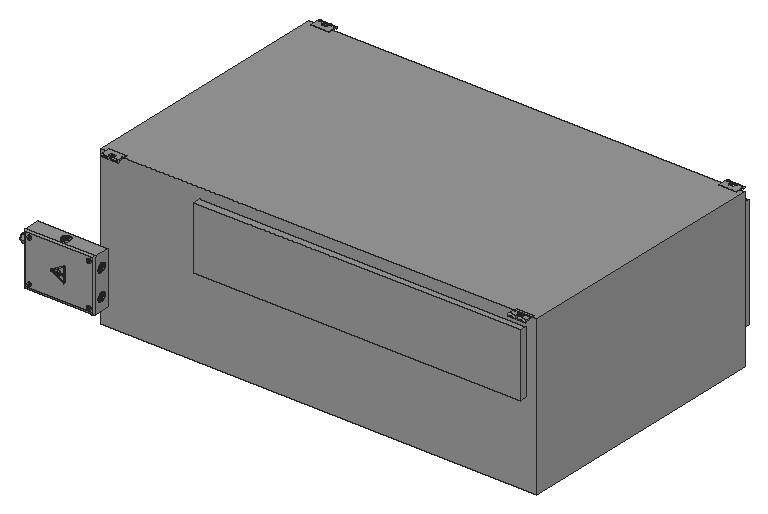
Revit family "Internal block_71_280_DH_1R1A", category Оборудование, Revit 2021
Family settings
  Размер круглого соединителя = Использовать диаметр
  Классификация = Нет
  Тип детали = Нормальный
  На основе рабочей плоскости = Нет
  Всегда вертикально = Да
  При загрузке вырезать с полостями = Нет
  Общий = Нет
  Точка принадлежности помещению = Нет
Parameters (values of type "BLHV-280-I-DH-AC/1R1A")
  dr = 12.7 mm
  dg = 22.2 mm
  dd = 10 mm
  Width = B  # 811 mm
  Weight = 102.00 kg
  Pressure_Static_Air [instance] = 0.0 Pa
  Power = 1200 W
  Maximum Air Flow = 0.0 L/s
  Load Classification = "HVAC"
  Length = A  # 1440 mm
  I = 320 mm
  Height = C  # 448 mm
  Отметка по умолчанию = 0 mm
  Изготовитель = "BLAUBERG"  # constant formula
  URL = ""
  Maintenance zone material = none
  H = 1186 mm
  Grid Material = Mesh, steel, painted,  white
  G = 180 mm
  F = 930 mm
  E = 771 mm
  Db = D + 80 mm  # 1242 mm
  D = 1162 mm
  Casing Material = Steel, galvanized
  C = 448 mm
  Bb = B - 20 mm - 50 mm  # 741 mm
  B = 811 mm
  Air Flow [instance] = 0.0 L/s
  A = 1440 mm
  09_System_Name [instance] = ""
  00_20_Type = "BLHV-280-I-DH-AC/1R1A"
  00_20_Name = "Internal block"  # constant formula
  00_20_Manufacturer = "BLAUBERG"  # constant formula
Types (10, lengths in mm): name | dr | dg | Width | Weight | Power | Length | I | Height | H | G | F | E | Db | D | C | Bb | B | A | 00_20_Type
  (no name) | 12.7 | 22.2 | 811 | 102.00 kg | 1200 W | 1440 | 320 | 448 | 1186 | 180 | 930 | 771 | 1242 | 1162 | 448 | 741 | 811 | 1440 | "BLHV-280-I-DH-AC/1R1A"
  BLHV-71-I-DH-AC/1R1A | 9.5 | 15.9 | 680 | 46.00 kg | 340 W | 1445 | 207 | 260 | 1156 | 197 | 1156 | 515 | 1417 | 1337 | 260 | 610 | 680 | 1445 | "BLHV-71-I-DH-AC/1R1A"
  BLHV-80-I-DH-AC/1R1A | 9.5 | 15.9 | 680 | 46.00 kg | 340 W | 1445 | 207 | 260 | 1156 | 197 | 1156 | 515 | 1417 | 1337 | 260 | 610 | 680 | 1445 | "BLHV-80-I-DH-AC/1R1A"
  BLHV-90-I-DH-AC/1R1A | 9.5 | 15.9 | 680 | 46.00 kg | 340 W | 1445 | 207 | 260 | 1156 | 197 | 1156 | 515 | 1417 | 1337 | 260 | 610 | 680 | 1445 | "BLHV-90-I-DH-AC/1R1A"
  BLHV-100-I-DH-AC/1R1A | 9.5 | 15.9 | 620 | 47.00 kg | 450 W | 1190 | 290 | 370 | 920 | 267 | 740 | 588 | 1118 | 1038 | 370 | 550 | 620 | 1190 | "BLHV-100-I-DH-AC/1R1A"
  BLHV-120-I-DH-AC/1R1A | 9.5 | 15.9 | 620 | 47.00 kg | 450 W | 1190 | 290 | 370 | 920 | 267 | 740 | 588 | 1118 | 1038 | 370 | 550 | 620 | 1190 | "BLHV-120-I-DH-AC/1R1A"
  BLHV-150-I-DH-AC/1R1A | 9.5 | 15.9 | 620 | 47.00 kg | 450 W | 1190 | 290 | 370 | 920 | 267 | 740 | 588 | 1118 | 1038 | 370 | 550 | 620 | 1190 | "BLHV-150-I-DH-AC/1R1A"
  BLHV-200-I-DH-AC/1R1A | 12.7 | 22.2 | 811 | 102.00 kg | 1200 W | 1440 | 320 | 448 | 1186 | 180 | 930 | 771 | 1242 | 1162 | 448 | 741 | 811 | 1440 | "BLHV-200-I-DH-AC/1R1A"
  BLHV-250-I-DH-AC/1R1A | 12.7 | 22.2 | 811 | 102.00 kg | 1200 W | 1440 | 320 | 448 | 1186 | 180 | 930 | 771 | 1242 | 1162 | 448 | 741 | 811 | 1440 | "BLHV-250-I-DH-AC/1R1A"
  BLHV-280-I-DH-AC/1R1A | 12.7 | 22.2 | 811 | 102.00 kg | 1200 W | 1440 | 320 | 448 | 1186 | 180 | 930 | 771 | 1242 | 1162 | 448 | 741 | 811 | 1440 | "BLHV-280-I-DH-AC/1R1A"
Reference planes
  plane 1 "По центру (Вперед/Назад)": y = 0
  plane 2: z = 0
  plane 3 "По центру (Влево/Вправо)": x = 0
  plane 4: y = 90
  plane 5: y = -90
  plane 6: y = 405.5
  plane 7: y = -405.5
  plane 8: x = -621
  plane 9: x = 621
  plane 10: z = 448
  plane 11: x = -819
  plane 12: x = -581
  plane 13: x = 581
Forms (mm)
  Extrusion 1, solid, material "Steel, galvanized" <- "Casing Material"
    sketch origin (-5.978, 22.034, 0) x (1, 0, 0) y (0, 1, 0)
      loop
        line (-615.022, 363.466) -> (-615.022, -377.534) -> (626.978, -377.534) -> (626.978, 363.466) -> (-615.022, 363.466)
    from 0 to 448 <- "C"
  Extrusion 2, solid, material "Steel, galvanized" <- "Casing Material"
    sketch origin (0, 0, 0) x (1, 0, 0) y (0, 0, 1)
      loop
        line (591, 418) -> (-339, 418) -> (-339, 238) -> (591, 238) -> (591, 418)
    from 355.5 to 375.5
  Extrusion 3, solid, material "Steel, galvanized" <- "Casing Material"
    sketch origin (0, 0, 0) x (1, 0, 0) y (0, 0, 1)
      loop
        line (616, 418) -> (-570, 418) -> (-570, 98) -> (616, 98) -> (616, 418)
    from -405.5 to -385.5
  Extrusion 4, solid, material "Steel, galvanized" <- "Casing Material"
    sketch origin (0, 0, 0) x (0, 1, 0) y (0, 0, 1)
      loop
        circle (60, 100) r 11.1
      loop
        circle (-40, 100) r 6.35
      loop
        circle (10, 30) r 5
    from -671 to -621
  Extrusion 5, solid, material "Steel, galvanized" <- "Casing Material"
    sketch origin (0, 0, 0) x (0, 1, 0) y (0, 0, 1)
      loop
        line (355.5, 398) -> (155.5, 398) -> (155.5, 238.311) -> (355.5, 238.311) -> (355.5, 398)
    from -671 to -621
Dimensions and locks
  "Db": Extrusion 1 sketch curve to Extrusion 1 sketch curve
  "Bb": Extrusion 1 sketch curve to Extrusion 1 sketch curve
  equal spacing: plane 4, plane 1 "По центру (Вперед/Назад)", plane 5
  "G": plane 4 to plane 5
  equal spacing: Extrusion 1 sketch curve, plane 3 "По центру (Влево/Вправо)", Extrusion 1 sketch curve
  equal spacing: plane 6, plane 1 "По центру (Вперед/Назад)", plane 7
  "B": plane 6 to plane 7
  locked: Extrusion 1 sketch curve to plane 7 at 50
  equal spacing: plane 8, plane 3 "По центру (Влево/Вправо)", plane 9
  "Db": plane 8 to plane 9
  "C": plane 10 to level
  "A": plane 11 to plane 9
  locked: plane 9 to Extrusion 2 sketch curve at 30
  "F": Extrusion 2 sketch curve to Extrusion 2 sketch curve
  locked: plane 10 to Extrusion 2 sketch curve at 30
  "G": Extrusion 2 sketch curve to Extrusion 2 sketch curve
  locked: plane 9 to Extrusion 3 sketch curve at 5
  "H": Extrusion 3 sketch curve to Extrusion 3 sketch curve
  locked: plane 10 to Extrusion 3 sketch curve at 30
  "I": Extrusion 3 sketch curve to Extrusion 3 sketch curve
  locked: plane 6 to Extrusion 3 at 20
  locked: Extrusion 2 to plane 7 at 50
  locked: Extrusion 2 to plane 7 at 30
  locked: Extrusion 4 sketch curve to level at 100  (x2)
  locked: Extrusion 4 sketch curve to plane 5 at 50
  locked: Extrusion 4 sketch curve to plane 5 at 150
  locked: Extrusion 4 to plane 8 at 50
  locked: plane 6 to Extrusion 5 sketch curve at 50
  locked: Extrusion 5 sketch curve to Extrusion 5 sketch curve at 200
  locked: plane 10 to Extrusion 5 sketch curve at 50
  locked: Extrusion 5 sketch curve to Extrusion 5 sketch curve at 159.689
  locked: Extrusion 5 to plane 8 at 50
  locked: Extrusion 4 sketch curve to level at 30
  locked: plane 5 to Extrusion 4 sketch curve at 100
  equal spacing: plane 12, plane 3 "По центру (Влево/Вправо)", plane 13
  "D": plane 12 to plane 13
  locked: nested 4 to plane 7 at 60
  locked: nested 5 to plane 7 at 60
  "dg": diameter of Extrusion 4 sketch curve
  "dr": diameter of Extrusion 4 sketch curve
  "dd": diameter of Extrusion 4 sketch curve
  aligned and locked: level to plane 2
  aligned and locked: nested 1 to plane 11
  aligned and locked: plane 6 to Extrusion 3
  aligned and locked: plane 8 to Extrusion 4
  aligned and locked: plane 8 to Extrusion 5
  aligned and locked: plane 12 to nested 2
  aligned and locked: plane 13 to nested 3
  aligned and locked: plane 10 to nested 5
  aligned and locked: nested 4 to plane 10
  aligned and locked: nested 3 to plane 10
  aligned and locked: plane 10 to nested 2
  aligned and locked: nested 4 to plane 12
  aligned and locked: nested 5 to plane 13
  aligned and locked: plane 6 to nested 2
  aligned and locked: nested 3 to plane 6
Nested families
  nested 1: "Electrical box" at (-700.25, -355.5, 125) x (0, 0, 1) z (0, -1, 0), type "200x150"
    with Ш1 85 mm, Ш 200 mm, Л 37.5 mm, Д1 60 mm, Д 150 mm
  nested 2: "Fastening" at (-581, 375.5, 448) x (0, 1, 0) z (0, 0, 1), type "Fastening"
  nested 3: "Fastening" at (581, 375.5, 448) x (0, 1, 0) z (0, 0, 1), type "Fastening"
  nested 4: "Fastening" at (-581, -345.5, 448) x (0, -1, 0) z (0, 0, 1), type "Fastening"
  nested 5: "Fastening" at (581, -345.5, 448) x (0, -1, 0) z (0, 0, 1), type "Fastening"
Connectors
  hvac at (126, -375.5, 328), driven by "G", driven by "F"
    settings: on Extrusion 2, index 1, duct flow 0.0 L/s, flow factor 0, pres drop 0.0 Pa, loss coef 0, conn angle 0.00°, conn width 930 mm, conn height 180 mm, conn diameter 609.6 mm, duct sys type 29, conn prof type 1, flow config 0, flow direction 2, loss method 0, conn ref index -1, conn util no, is conn primary yes, conn desc ""
  hvac at (23, 405.5, 258), driven by "I", driven by "H"
    settings: on Extrusion 3, index 2, duct flow 0.0 L/s, flow factor 0, pres drop 0.0 Pa, loss coef 0, conn angle 0.00°, conn width 1186 mm, conn height 320 mm, conn diameter 609.6 mm, duct sys type 29, conn prof type 1, flow config 0, flow direction 1, loss method 0, conn ref index -1, conn util no, is conn primary no, conn desc ""
  piping at (-671, 60, 100), diameter 22.2, driven by "dg"
    settings: on Extrusion 4, index 3, connector inside diameter 609.6 mm, connector length 0 mm, flow factor 0, pipe flow 0.0 L/s, pressure drop 0.0 Pa, fitting loss kfactor 0, connector angle 0.00°, fixture units 0, engagement length 0 mm, angle of deflection 0.00°, flow configuration 0, flow direction 0, fitting loss method 0, system type 29, joint type 0, gender type 0, connector reference index -1, connector utility 0, adjustable connector no, is connector primary yes, connector description ""
  piping at (-671, -40, 100), diameter 12.7, driven by "dr"
    settings: on Extrusion 4, index 4, connector inside diameter 609.6 mm, connector length 0 mm, flow factor 0, pipe flow 0.0 L/s, pressure drop 0.0 Pa, fitting loss kfactor 0, connector angle 0.00°, fixture units 0, engagement length 0 mm, angle of deflection 0.00°, flow configuration 0, flow direction 0, fitting loss method 0, system type 29, joint type 0, gender type 0, connector reference index -1, connector utility 0, adjustable connector no, is connector primary no, connector description ""
  piping at (-671, 10, 30), diameter 10, driven by "dd"
    settings: on Extrusion 4, index 5, connector inside diameter 609.6 mm, connector length 0 mm, flow factor 0, pipe flow 0.0 L/s, pressure drop 0.0 Pa, fitting loss kfactor 0, connector angle 0.00°, fixture units 0, engagement length 0 mm, angle of deflection 0.00°, flow configuration 0, flow direction 2, fitting loss method 0, system type 29, joint type 0, gender type 0, connector reference index -1, connector utility 0, adjustable connector no, is connector primary no, connector description ""
Definition of nested family "Electrical box"
  Parameters (values of type "100x100")
    Ш1 = Ш / 2 - 15 mm  # 60 mm
    Ш = 150 mm
    Default Elevation = 1219.2 mm
    Л = Д / 4  # 25 mm
    Д1 = Д / 2 - 15 mm  # 35 mm
    Д = 100 mm
    h = H / 2  # 25 mm
    Material = none
    H = 50 mm
  Reference planes
    plane 1 "По центру (Вперед/Назад)": y = 0
    plane 2: z = 0
    plane 3 "По центру (Влево/Вправо)": x = 0
  Forms (mm)
    Extrusion 1, solid, material <- "Material"
      sketch origin (0, 0, 0) x (1, 0, 0) y (0, 1, 0)
        loop
          line (-50, 75) -> (-50, -75) -> (50, -75) -> (50, 75) -> (-50, 75)
      from 0 to 50 <- "H"
    Sweep 2, void
      path in 3D
        loop
          line (-50, 75, 50) -> (-50, -75, 50) -> (50, -75, 50) -> (50, 75, 50) -> (-50, 75, 50)
      profile origin (0, 75, 50) x (0, -1, 0) y (0, 0, 1)
        loop
          line (5, 0) -> (0, 0) -> (0, -5)
          arc (0, -5) -> (1.464, -1.464) -> (5, 0) r 5
    Extrusion 3, void
      sketch origin (0, 0, 0) x (0, 1, 0) y (0, 0, 1)
        loop
          circle (0, 25) r 10
      from -50 to -45
    Extrusion 4, void
      sketch origin (0, 0, 0) x (0, 1, 0) y (0, 0, 1)
        loop
          circle (0, 25) r 10
      from 45 to 50
    Extrusion 5, void
      sketch origin (0, 0, 0) x (1, 0, 0) y (0, 0, 1)
        loop
          circle (25, 25) r 10
        loop
          circle (-25, 25) r 10
      from 70 to 75
    Extrusion 6, void
      sketch origin (0, 0, 0) x (1, 0, 0) y (0, 0, 1)
        loop
          circle (25, 25) r 10
        loop
          circle (-25, 25) r 10
      from -75 to -70
  Cuts and joins
    Sweep 2, Extrusion 3, Extrusion 4, Extrusion 5, Extrusion 6 cuts Extrusion 1
  Lines and regions (mm)
    sketch lines
      curve 1: line (50, 75, 50) -> (-50, 75, 50)
      curve 2: line (50, -75, 50) -> (50, 75, 50)
      curve 3: line (-50, -75, 50) -> (50, -75, 50)
      curve 4: line (-50, 75, 50) -> (-50, -75, 50)
  Dimensions and locks
    "Д": Extrusion 1 sketch curve to Extrusion 1 sketch curve
    "Ш": Extrusion 1 sketch curve to Extrusion 1 sketch curve
    equal spacing: Extrusion 1 sketch curve, plane 3 "По центру (Влево/Вправо)", Extrusion 1 sketch curve
    equal spacing: Extrusion 1 sketch curve, plane 1 "По центру (Вперед/Назад)", Extrusion 1 sketch curve
    "Д1": nested 2 to plane 3 "По центру (Влево/Вправо)"
    "Д1": plane 3 "По центру (Влево/Вправо)" to nested 1
    "Д1": nested 4 to plane 3 "По центру (Влево/Вправо)"
    "Д1": plane 3 "По центру (Влево/Вправо)" to nested 3
    "Ш1": nested 3 to plane 1 "По центру (Вперед/Назад)"
    "Ш1": plane 1 "По центру (Вперед/Назад)" to nested 1
    "Ш1": nested 4 to plane 1 "По центру (Вперед/Назад)"
    "Ш1": plane 1 "По центру (Вперед/Назад)" to nested 2
    "h": Extrusion 3 sketch curve to level
    "h": Extrusion 4 sketch curve to level
    "h": level to Extrusion 5 sketch curve  (x2)
    "Л": plane 3 "По центру (Влево/Вправо)" to Extrusion 5 sketch curve
    "Л": Extrusion 5 sketch curve to plane 3 "По центру (Влево/Вправо)"
    "h": level to Extrusion 6 sketch curve  (x2)
    "Л": Extrusion 6 sketch curve to plane 3 "По центру (Влево/Вправо)"
    "Л": plane 3 "По центру (Влево/Вправо)" to Extrusion 6 sketch curve
    "h": level to nested 5
    "h": level to nested 6
    "Л": nested 8 to plane 3 "По центру (Влево/Вправо)"
    "Л": nested 7 to plane 3 "По центру (Влево/Вправо)"
    "Л": plane 3 "По центру (Влево/Вправо)" to nested 9
    "Л": plane 3 "По центру (Влево/Вправо)" to nested 11
    "h": nested 11 to level
    radius of Extrusion 6 sketch curve = 10 mm
    aligned and locked: level to plane 2
    aligned and locked: Extrusion 1 to Extrusion 3
    aligned and locked: Sweep 2 to Extrusion 3
    aligned and locked: Extrusion 1 to Extrusion 4
    aligned and locked: Sweep 2 to Extrusion 4
    aligned and locked: Extrusion 1 to Extrusion 5
    aligned and locked: Sweep 2 to Extrusion 5
    aligned and locked: Extrusion 1 to Extrusion 6
    aligned and locked: Extrusion 6 to Sweep 2
    aligned and locked: plane 1 "По центру (Вперед/Назад)" to nested 5
    aligned and locked: nested 5 to cut or joined group of Extrusion 1, Sweep 2, Extrusion 3, Extrusion 4, Extrusion 5, Extrusion 6
    aligned and locked: nested 6 to plane 1 "По центру (Вперед/Назад)"
    aligned and locked: cut or joined group of Extrusion 1, Sweep 2, Extrusion 3, Extrusion 4, Extrusion 5, Extrusion 6 to nested 6
    aligned and locked: cut or joined group of Extrusion 1, Sweep 2, Extrusion 3, Extrusion 4, Extrusion 5, Extrusion 6 to nested 7
    aligned and locked: nested 8 to cut or joined group of Extrusion 1, Sweep 2, Extrusion 3, Extrusion 4, Extrusion 5, Extrusion 6
    aligned and locked: cut or joined group of Extrusion 1, Sweep 2, Extrusion 3, Extrusion 4, Extrusion 5, Extrusion 6 to nested 9
    aligned and locked: plane 3 "По центру (Влево/Вправо)" to nested 10
  Automatic sketch dimensions
    Sweep 2 sketch curve to profile plane = 0 mm  (x2)
    Sweep 2 sketch curve to profile plane = 5 mm
    Extrusion 3 sketch curve to plane 1 "По центру (Вперед/Назад)" = 0 mm
    Extrusion 4 sketch curve to plane 1 "По центру (Вперед/Назад)" = 0 mm
    radius of Extrusion 3 sketch curve = 10 mm
    radius of Extrusion 4 sketch curve = 10 mm
    radius of Extrusion 5 sketch curve = 10 mm  (x2)
    radius of Extrusion 6 sketch curve = 10 mm
  Nested families
    nested 1: "Винт" at (35, 60, 50), built-in parameter 1001364 <- "H", type "Винт"
    nested 2: "Винт" at (-35, 60, 50), built-in parameter 1001364 <- "H", type "Винт"
    nested 3: "Винт" at (35, -60, 50), built-in parameter 1001364 <- "H", type "Винт"
    nested 4: "Винт" at (-35, -60, 50), built-in parameter 1001364 <- "H", type "Винт"
    nested 5: "Заглушка" at (46, 0, 25) x (0, 0, -1) z (1, 0, 0), built-in parameter 1001360 <- "h", type "Заглушка"
    nested 6: "Заглушка" at (-46, 0, 25) x (0, 0, -1) z (-1, 0, 0), built-in parameter 1001360 <- "h", type "Заглушка"
    nested 7: "Заглушка" at (-25, 71, 25) x (0, 0, -1) z (0, 1, 0), built-in parameter 1001360 <- "h", type "Заглушка"
    nested 8: "Заглушка" at (-25, -71, 25) x (0, 0, -1) z (0, -1, 0), built-in parameter 1001360 <- "h", type "Заглушка"
    nested 9: "Заглушка" at (25, -71, 25) x (0, 0, -1) z (0, -1, 0), built-in parameter 1001360 <- "h", type "Заглушка"
    nested 10: "Электрика" at (0, 3.125, 50), built-in parameter 1001360 <- "H", type "Электрика"
    nested 11: "Штуцер" at (25, 75, 25) x (1, 0, 0) z (0, 1, 0), type "24"
  Definition of nested family "Винт"
    Parameters (values of type "Винт")
      Default Elevation = 0 mm
    Reference planes
      plane 1 "По центру (Вперед/Назад)": y = 0
      plane 2: z = 0
      plane 3 "По центру (Влево/Вправо)": x = 0
    Forms (mm)
      Revolve 1, solid
        sketch origin (0, 0, 0) x (1, 0, 0) y (0, 0, 1)
          loop
            line (0, -20) -> (2.5, -20) -> (2.5, 0) -> (5, 0) -> (5, 0.988)
            arc (5, 0.988) -> (2.589, 1.966) -> (0, 2.235) r 9.254
            line (0, 2.235) -> (0, -20)
          axis (0, 2.235) -> (0, -20)
        angle from 0 to 360
      Extrusion 2, void
        sketch origin (0, -0.137, 0) x (1, 0, 0) y (0, 1, 0)
          loop
            line (-0.439, -5.142) -> (0.455, -5.142) -> (0.455, -0.343) -> (5.265, -0.343) -> (5.265, 0.594) -> (0.455, 0.594) -> (0.455, 5.38) -> (-0.439, 5.38) -> (-0.439, 0.594) -> (-5.291, 0.594) -> (-5.291, -0.343) -> (-0.439, -0.343) -> (-0.439, -5.142)
        from 0.988 to 3.071
    Cuts and joins
      Extrusion 2 cuts Revolve 1
    Dimensions and locks
      aligned and locked: level to plane 2
      aligned and locked: Extrusion 2 to Revolve 1
  Definition of nested family "Заглушка"
    Parameters (values of type "Заглушка")
      Default Elevation = 0 mm
    Reference planes
      plane 1 "По центру (Вперед/Назад)": y = 0
      plane 2: z = 0
      plane 3 "По центру (Влево/Вправо)": x = 0
    Forms (mm)
      Extrusion 1, solid
        sketch origin (0, 0, 0) x (1, 0, 0) y (0, 1, 0)
          loop
            circle (0, 0) r 12
        from 4 to 5
      Extrusion 2, solid
        sketch origin (0, 0, 0) x (1, 0, 0) y (0, 1, 0)
          loop
            circle (0, 0) r 10
        from 5 to 6
      Extrusion 3, solid
        sketch origin (0, 0, 0) x (1, 0, 0) y (0, 1, 0)
          loop
            circle (0, 0) r 8
        from 6 to 7
      Extrusion 4, solid
        sketch origin (0, 0, 0) x (1, 0, 0) y (0, 1, 0)
          loop
            circle (0, 0) r 6
        from 7 to 8
      Extrusion 5, solid
        sketch origin (0, 0, 0) x (1, 0, 0) y (0, 1, 0)
          loop
            circle (0, 0) r 4
        from 8 to 9
      Extrusion 6, solid
        sketch origin (0, 0, 0) x (1, 0, 0) y (0, 1, 0)
          loop
            circle (0, 0) r 2
        from 9 to 10
    Dimensions and locks
      aligned and locked: level to plane 2
  Definition of nested family "Электрика"
    Parameters (values of type "Электрика")
      Default Elevation = 0 mm
    Reference planes
      plane 1 "По центру (Вперед/Назад)": y = 0
      plane 2: z = 0
      plane 3 "По центру (Влево/Вправо)": x = 0
    Forms (mm)
      Extrusion 1, solid
        sketch origin (0, -20.999, 0) x (1, 0, 0) y (0, 1, 0)
          loop
            line (0, 0.664) -> (18.543, 0.664)
            arc (18.543, 0.664) -> (21.349, 1.985) -> (22.119, 4.99) r 3.641
            line (22.119, 4.99) -> (2.806, 38.44)
            arc (2.806, 38.44) -> (0, 39.762) -> (-2.806, 38.44) r 3.641
            line (-2.806, 38.44) -> (-22.119, 4.99)
            arc (-22.119, 4.99) -> (-21.349, 1.985) -> (-18.543, 0.664) r 3.641
            line (-18.543, 0.664) -> (0, 0.664)
          loop
            arc (-20.055, 4.565) -> (-19.717, 3.245) -> (-18.484, 2.664) r 1.6
            line (-18.484, 2.664) -> (18.396, 2.664)
            arc (18.396, 2.664) -> (19.729, 3.379) -> (19.87, 4.885) r 1.6
            line (19.87, 4.885) -> (1.2, 37.223)
            arc (1.2, 37.223) -> (0.104, 37.807) -> (-1.079, 37.432) r 1.6
            line (-1.079, 37.432) -> (-20.055, 4.565)
        from 0 to 1
      Extrusion 2, solid
        sketch origin (0, -20.999, 0) x (1, 0, 0) y (0, 1, 0)
          loop
            line (1.519, 30.846) -> (-2.718, 30.846) -> (-7.387, 14.53) -> (2.226, 19.012) -> (-1.819, 8.947) -> (-2.667, 9.352) -> (-2.823, 5.949) -> (-0.273, 8.208) -> (-1.096, 8.601) -> (5.366, 22.132) -> (-4.385, 17.585) -> (1.519, 30.846)
        from 0 to 1
      Extrusion 3, solid
        sketch origin (0, -20.999, 0) x (1, 0, 0) y (0, 1, 0)
          loop
            line (-1.079, 37.432) -> (-20.055, 4.565)
            arc (-20.055, 4.565) -> (-19.717, 3.245) -> (-18.484, 2.664) r 1.6
            line (-18.484, 2.664) -> (18.396, 2.664)
            arc (18.396, 2.664) -> (19.781, 3.464) -> (19.781, 5.064) r 1.6
            line (19.781, 5.064) -> (1.296, 37.092)
            arc (1.296, 37.092) -> (0.185, 37.798) -> (-1.079, 37.432) r 1.6
        from 0 to 0.9
    Dimensions and locks
      aligned and locked: level to plane 2
  Definition of nested family "Штуцер"
    Parameters (values of type "32")
      Default Elevation = 1219.2 mm
      r1 = r / 1.3333  # 12 mm
      r = 16 mm
      h3 = H / 3.2  # 10 mm
      h1 = H / 1.28  # 25 mm
      h4 = H / 6.4  # 5 mm
      H = 32 mm
      A = 2 * r * tan(30.00°)  # 18.475 mm
    Types (3, lengths in mm): name | r1 | r | h3 | h1 | h4 | H | A
      32 | 12 | 16 | 10 | 25 | 5 | 32 | 18.475
      24 | 9 | 12 | 7.5 | 18.75 | 3.75 | 24 | 13.856
      16 | 6 | 8 | 5 | 12.5 | 2.5 | 16 | 9.238
    Reference planes
      plane 1 "По центру (Вперед/Назад)": y = 0
      plane 2: z = 0
      plane 3 "По центру (Влево/Вправо)": x = 0
    Forms (mm)
      Extrusion 1, solid
        sketch origin (-129.783, 0, -1.583) x (-1, 0, 0) y (0, -1, 0)
          loop
            line (-129.783, -18.475) -> (-113.783, -9.238) -> (-113.783, 9.238) -> (-129.783, 18.475) -> (-145.783, 9.238) -> (-145.783, -9.238) -> (-129.783, -18.475)
        from 1.583 to 6.583
      Extrusion 2, solid
        sketch origin (-129.783, 0, 0) x (-1, 0, 0) y (0, -1, 0)
          loop
            circle (-129.783, 0) r 12
        from 5 to 10
      Extrusion 3, solid
        sketch origin (-129.783, 0, 14.25) x (-1, 0, 0) y (0, -1, 0)
          loop
            line (-129.783, -18.475) -> (-113.783, -9.238) -> (-113.783, 9.238) -> (-129.783, 18.475) -> (-145.783, 9.238) -> (-145.783, -9.238) -> (-129.783, -18.475)
        from -4.25 to 10.75
      Revolve 4, solid
        sketch origin (-129.783, 0, -5.678) x (-1, 0, 0) y (0, 0, -1)
          loop
            line (-117.783, -30.678) -> (-129.783, -30.678) -> (-129.783, -37.678) -> (-118.783, -37.678)
            arc (-118.783, -37.678) -> (-118.076, -37.385) -> (-117.783, -36.678) r 1
            line (-117.783, -36.678) -> (-117.783, -30.678)
          axis (-129.783, -37.678) -> (-129.783, -30.678)
        angle from 0 to 360
    Dimensions and locks
      "A": Extrusion 3 sketch curve to Extrusion 3 sketch curve  (x6)
      equal spacing: Extrusion 3 sketch curve, plane 1 "По центру (Вперед/Назад)", Extrusion 3 sketch curve  (x2)
      "A": Extrusion 3 sketch curve to plane 1 "По центру (Вперед/Назад)" to Extrusion 3 sketch curve
      "A": Extrusion 1 sketch curve to Extrusion 1 sketch curve  (x6)
      "A": Extrusion 1 sketch curve to plane 1 "По центру (Вперед/Назад)" to Extrusion 1 sketch curve
      "r1": plane 3 "По центру (Влево/Вправо)" to Revolve 4 sketch curve
      "H": level to Revolve 4 sketch curve
      "h1": level to Extrusion 3
      "h3": level to Extrusion 3
      "h1": level to Revolve 4 sketch curve
      "h3": level to Extrusion 2
      "h4": level to Extrusion 2
      "h4": level to Extrusion 1
      "r1": radius of Extrusion 2 sketch curve
      aligned and locked: level to plane 2
      aligned and locked: Extrusion 1 to Extrusion 2
      aligned and locked: Extrusion 1 to level
      aligned and locked: Extrusion 3 to Extrusion 2
    Automatic sketch dimensions
      Extrusion 1 sketch curve to plane 3 "По центру (Влево/Вправо)" = 0 mm  (x2)
      plane 1 "По центру (Вперед/Назад)" to Extrusion 2 sketch curve = 0 mm
      Extrusion 2 sketch curve to plane 3 "По центру (Влево/Вправо)" = 0 mm
      Extrusion 3 sketch curve to plane 3 "По центру (Влево/Вправо)" = 0 mm
      Revolve 4 sketch curve to plane 3 "По центру (Влево/Вправо)" = 0 mm  (x2)
      Revolve 4 sketch curve to Revolve 4 sketch curve = 1 mm
      level to Revolve 4 sketch curve = 1.702 mm
      Revolve 4 sketch curve to level = 6.18 mm
Definition of nested family "Fastening"
  Parameters (values of type "Fastening")
    Default Elevation = 0 mm
    Material = none
  Reference planes
    plane 1 "По центру (Вперед/Назад)": y = 0
    plane 2: z = 0
    plane 3 "По центру (Влево/Вправо)": x = 0
    plane 4 "exis": x = 14.509
  Forms (mm)
    Extrusion 1, solid, material <- "Material"
      sketch origin (0, 0, 0) x (1, 0, 0) y (0, 0, 1)
        loop
          line (27, 0) -> (0, 0) -> (0, -30) -> (2, -30) -> (2, -2) -> (27, -2)
          arc (27, -2) -> (27.707, -2.293) -> (28, -3) r 1
          line (28, -3) -> (28, -5) -> (30, -5) -> (30, -3)
          arc (30, -3) -> (29.121, -0.879) -> (27, 0) r 3
      from 25 to -25
    Extrusion 2, void
      sketch origin (0, 0, 0) x (1, 0, 0) y (0, 1, 0)
        loop
          line (30, 3.002) -> (24.616, 3.002)
          arc (24.616, 3.002) -> (23.202, 3.588) -> (22.616, 5.002) r 2
          line (22.616, 5.002) -> (22.616, 6.002)
          arc (22.616, 6.002) -> (22.03, 7.416) -> (20.616, 8.002) r 2
          line (20.616, 8.002) -> (16.509, 8.002)
          arc (16.509, 8.002) -> (15.095, 7.416) -> (14.509, 6.002) r 2
          line (14.509, 6.002) -> (14.509, 0) -> (14.509, -6.002)
          arc (14.509, -6.002) -> (15.095, -7.416) -> (16.509, -8.002) r 2
          line (16.509, -8.002) -> (20.616, -8.002)
          arc (20.616, -8.002) -> (22.03, -7.416) -> (22.616, -6.002) r 2
          line (22.616, -6.002) -> (22.616, -5.002)
          arc (22.616, -5.002) -> (23.202, -3.588) -> (24.616, -3.002) r 2
          line (24.616, -3.002) -> (30, -3.002) -> (30, 3.002)
      from -5 to 0
  Cuts and joins
    Extrusion 2 cuts Extrusion 1
  Dimensions and locks
    locked: plane 3 "По центру (Влево/Вправо)" to plane 4 "exis" at 14.509
    aligned and locked: level to plane 2
